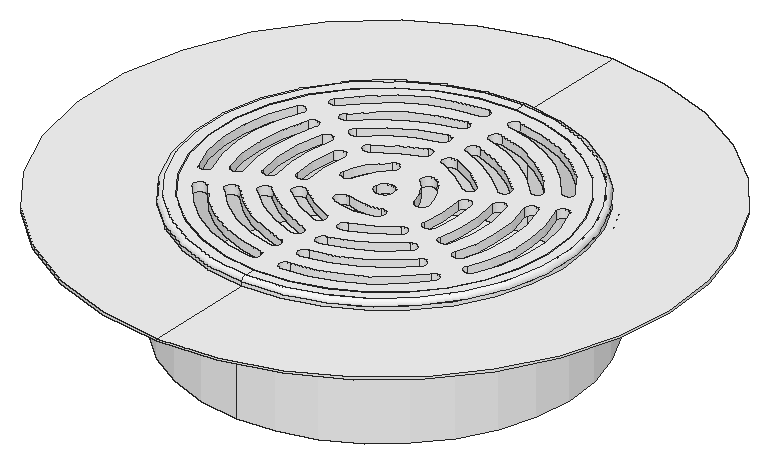
Revit family "F1230-WF", category Plumbing Fixtures, host Face, Revit 2018
Family settings
  Host = Face
  Round Connector Dimension = Use Radius
  Part Type = Normal
  Cut with Voids When Loaded = No
  Shared = No
  Room Calculation Point = No
Parameters (values of type "F1232-WF -Ø2"")
  WFU = 0
  URL = "WWW.MIFAB.COM"
  Pipe Radius = Pipe Diameter / 2  # 0' - 1"
  Pipe Diameter = 0' - 2"
  Model = "F1232-WF"
  Manufacturer = "MIFAB"
  Floor Drain Material = Paint - Sherwin Williams Paint - #952C2A - Bellwood Red
  Description = "WOOD DECK FLOOR DRAIN"
  Default Elevation = 0' - 0"
  CWFU = 0
  Assembly Code = ""
Types (4): name | Pipe Radius | Pipe Diameter | Model
  (no name) | 0' - 1" | 0' - 2" | "F1232-WF"
  F1234-WF -Ø4" | 0' - 2" | 0' - 4" | "F1234-WF"
  F1233-WF -Ø3" | 0' - 1 1/2" | 0' - 3" | "F1233-WF"
  F1232-WF -Ø2" | 0' - 1" | 0' - 2" | "F1232-WF"
Reference planes (in)
  plane 1 "Center (Front/Back)": y = 0
  plane 2: z = 0
  plane 3 "Center (Left/Right)": x = 0
  plane 4: z = -7.25
  plane 5: z = -3
  plane 6: y = -1
  plane 7: y = 1
  plane 8: x = -2.5
  plane 9: x = 2.5
  plane 10: z = -2.5
  plane 11: y = 4
  plane 12: y = -4
  plane 13: y = 2.5
  plane 14: y = -2.5
  plane 15: y = -2.59375
Forms (in)
  Revolve 1, solid, material "Paint - Sherwin Williams Paint - #952C2A - Bellwood Red" <- "Floor Drain Material"
    sketch origin (0, 0.04396, -2.375) x (0, 1, 0) y (0, 0, 1)
      loop
        line (-2.54396, 2.375) -> (-4.04396, 2.375) -> (-4.04396, 2.3435) -> (-2.63771, 2.3435) -> (-2.63771, 0.75098) -> (-1.04396, 0.75098) -> (-1.04396, -0.125) -> (-0.98146, -0.125) -> (-0.98146, 0.84079) -> (-2.54396, 0.84079) -> (-2.54396, 2.375)
      axis (-0.04396, 2.375) -> (-0.04396, -0.125)
    angle from 0 to 360
  Revolve 2, solid, material "Paint - Sherwin Williams Paint - #952C2A - Bellwood Red" <- "Floor Drain Material"
    sketch origin (0, 0, 0) x (0, 1, 0) y (0, 0, 1)
      loop
        line (-2.5, 0) -> (-2.29197, 0) -> (-2.29197, 0.11415) -> (-2.43434, 0.11415)
        arc (-2.43434, 0.11415) -> (-2.48077, 0.09492) -> (-2.5, 0.04849) r 0.06566
        line (-2.5, 0.04849) -> (-2.5, 0)
      axis (0, 0) -> (0, 0.11415)
    angle from 0 to 360
Lines and regions (in)
  model lines, not visible
    curve 1: line (6.7156, 0, 9.07611) -> (12.5156, 0, 9.07611)
    curve 2: line (12.5156, 0, 9.07611) -> (12.5156, 0, 10.82611)
    curve 3: line (12.5156, 0, 10.82611) -> (6.7156, 0, 10.82611)
    curve 4: line (6.7156, 0, 10.82611) -> (6.7156, 0, 9.07611)
    curve 5: line (7.13163, 0, 10.86539) -> (7.13163, 0, 12.86539)
    curve 6: line (7.13163, 0, 12.86539) -> (15.53163, 0, 12.86539)
    curve 7: line (15.53163, 0, 12.86539) -> (15.53163, 0, 10.86539)
    curve 8: line (11.33163, 0, 12.86539) -> (11.33163, 0, 12.36539)
    curve 9: line (0, 28.52778, -10.8585) -> (0, 28.52778, -8.6085)
    curve 10: line (0, 28.52778, -8.6085) -> (0, 21.02778, -8.6085)
    curve 11: line (0, 21.02778, -8.6085) -> (0, 21.02778, -10.8585)
    curve 12: line (0, 24.77778, -8.6085) -> (0, 24.77778, -9.1085)
    curve 13: line (13.30546, 0, 10.44272) -> (13.30546, 0, 12.69272)
    curve 14: line (13.30546, 0, 12.69272) -> (26.80546, 0, 12.69272)
    curve 15: line (26.80546, 0, 12.69272) -> (26.80546, 0, 10.44272)
    curve 16: line (20.05546, 0, 12.69272) -> (20.05546, 0, 13.19272)
Dimensions and locks (in)
  locked: plane 5 to plane 4 at 4.25
  equal spacing: plane 7, plane 1 "Center (Front/Back)", plane 6
  "Pipe Diameter": plane 7 to plane 6
  "Pipe Radius": plane 1 "Center (Front/Back)" to plane 6
  locked: level to plane 10 at 2.5
  equal spacing: plane 11, plane 1 "Center (Front/Back)", plane 12
  plane 11 to plane 12 = 0' - 8"
  equal spacing: plane 13, plane 1 "Center (Front/Back)", plane 14
  plane 13 to plane 14 = 0' - 5"
  locked: plane 14 to plane 15 at 0.09375
  aligned and locked: plane 2 to host face
  aligned and locked: level to host face
  aligned and locked: Revolve 1 sketch curve to plane 10
  aligned and locked: Revolve 1 sketch curve to plane 12
  aligned and locked: plane 15 to Revolve 1
Automatic sketch dimensions
  curve 5 to curve 7 = 0' - 8.4"
  curve 5 to curve 8 = 0' - 4.2"
  curve 5 to curve 5 = 0' - 2"
  curve 7 to curve 6 = 0' - 2"
  curve 8 to curve 8 = 0' - 0 1/2"
  host sketch curve to host sketch curve = 8' - 0"  (x2)
  Revolve 1 sketch curve to level = 0' - 0"
  Revolve 1 sketch curve to plane 14 = 0' - 0"
  Revolve 1 sketch curve to plane 6 = 0' - 0"
  Revolve 1 sketch curve to plane 1 "Center (Front/Back)" = 0' - 0"
  Revolve 1 sketch curve to plane 4 = 0' - 0"
  Revolve 1 sketch curve to plane 14 = 0' - 0 3/32"
  Revolve 1 sketch curve to plane 6 = 0' - 0 1/16"
  plane 10 to Revolve 1 sketch curve = 0' - 0.87598"
  Revolve 1 sketch curve to Revolve 1 sketch curve = 0' - 0.08981"
  Revolve 1 sketch curve to Revolve 1 sketch curve = 0' - 0.0315"
  Revolve 1 sketch curve to plane 5 = 0' - 0 1/4"
  Revolve 2 sketch curve to plane 14 = 0' - 0"
  Revolve 2 sketch curve to level = 0' - 0"
  Revolve 2 sketch curve to plane 1 "Center (Front/Back)" = 0' - 0"
  level to Revolve 2 sketch curve = 0' - 0.04849"
  Revolve 2 sketch curve to Revolve 2 sketch curve = 0' - 0.06566"
  Revolve 2 sketch curve to Revolve 2 sketch curve = 0' - 0.14237"
  level to Revolve 2 sketch curve = 0' - 0.25866"
  Revolve 2 sketch curve to Revolve 2 sketch curve = 0' - 0.32717"
Nested families (in)
  nested 1: "Family1" at (0, 0, 0), type "Family1"
Connectors (in)
  piping at (0, 0, -2.5), diameter 2, driven by "Pipe Radius"
    settings: on Revolve 1, index 1, connector inside diameter 24", connector length 0' - 0", flow factor 0, pipe flow 0 GPM, pressure drop 0.00 psi, fitting loss kfactor 0, connector angle 0.00°, fixture units 0, engagement length 0' - 0", angle of deflection 0.00°, flow configuration 0, flow direction 0, fitting loss method 0, system type 7, joint type 0, gender type 0, connector reference index -1, connector utility 0, adjustable connector no, is connector primary yes, connector description ""
Definition of nested family "Family1"
  Parameters (values of type "Family1")
    Floor Drain Material = none
  Reference planes (in)
    plane 1 "Center (Front/Back)": y = 0
    plane 2: z = 0
    plane 3 "Center (Left/Right)": x = 0
    plane 4: through (0, 0, 47.24409) normal (-0.5, -0.866, 0)
    plane 5: through (0, 0, 47.24409) normal (-0.5, 0.866, 0)
  Forms (in)
    Extrusion 1, solid, material <- "Floor Drain Material"
      sketch origin (0, 0, 0) x (-1, 0, 0) y (0, -1, 0)
        loop
          circle (0, 0) r 2.29197
        loop
          circle (0, 0) r 0.12808
        loop
          arc (1.92872, 0.8571) -> (1.81851, 0.89568) -> (1.77768, 0.78627) r 0.08343
          arc (1.77768, 0.78627) -> (1.9424, 0.00098) -> (1.77058, -0.78279) r 1.913
          arc (1.77058, -0.78279) -> (1.8102, -0.89205) -> (1.92027, -0.85472) r 0.08306
          arc (1.92027, -0.85472) -> (2.12666, 0.00019) -> (1.92872, 0.8571) r 1.913
        loop
          arc (1.63752, 0.66126) -> (1.52724, 0.71394) -> (1.47283, 0.6045) r 0.08711
          arc (1.47283, 0.6045) -> (1.56756, -0.01032) -> (1.46002, -0.62303) r 1.913
          arc (1.46002, -0.62303) -> (1.51165, -0.7327) -> (1.62217, -0.6829) r 0.08643
          arc (1.62217, -0.6829) -> (1.7518, -0.01222) -> (1.63752, 0.66126) r 1.913
        loop
          arc (1.3142, 0.49642) -> (1.20604, 0.56037) -> (1.14083, 0.45297) r 0.08937
          arc (1.14083, 0.45297) -> (1.1928, -0.01078) -> (1.13095, -0.47331) r 1.913
          arc (1.13095, -0.47331) -> (1.19339, -0.58141) -> (1.30229, -0.52035) r 0.08885
          arc (1.30229, -0.52035) -> (1.37704, -0.01277) -> (1.3142, 0.49642) r 1.913
        loop
          arc (0.97544, 0.32973) -> (0.87125, 0.40429) -> (0.79589, 0.30067) r 0.09095
          arc (0.79589, 0.30067) -> (0.81816, 0.00699) -> (0.79508, -0.28663) r 1.913
          arc (0.79508, -0.28663) -> (0.8701, -0.3904) -> (0.97446, -0.31619) r 0.0909
          arc (0.97446, -0.31619) -> (1.00241, 0.00673) -> (0.97544, 0.32973) r 1.913
        loop
          arc (0.22209, -2.09887) -> (1.06316, -1.84183) -> (1.70034, -1.23564) r 1.913
          arc (1.70034, -1.23564) -> (1.67764, -1.12166) -> (1.5632, -1.14198) r 0.08306
          arc (1.5632, -1.14198) -> (0.97035, -1.68266) -> (0.20791, -1.93266) r 1.913
          arc (0.20791, -1.93266) -> (0.13357, -2.02271) -> (0.22209, -2.09887) r 0.08343
        loop
          arc (0.2461, -1.74877) -> (0.88648, -1.51099) -> (1.4025, -1.06338) r 1.913
          arc (1.4025, -1.06338) -> (1.39036, -0.94278) -> (1.26957, -0.9529) r 0.08643
          arc (1.26957, -0.9529) -> (0.79272, -1.35239) -> (0.21291, -1.57776) r 1.913
          arc (0.21291, -1.57776) -> (0.14533, -1.6796) -> (0.2461, -1.74877) r 0.08711
        loop
          arc (0.22718, -1.38634) -> (0.69958, -1.18616) -> (1.10178, -0.86764) r 1.913
          arc (1.10178, -0.86764) -> (1.10022, -0.7428) -> (0.97537, -0.74278) r 0.08885
          arc (0.97537, -0.74278) -> (0.60573, -1.02761) -> (0.17813, -1.21448) r 1.913
          arc (0.17813, -1.21448) -> (0.11773, -1.32465) -> (0.22718, -1.38634) r 0.08937
        loop
          arc (0.20217, -1.00962) -> (0.49538, -0.87148) -> (0.76106, -0.68581) r 1.913
          arc (0.76106, -0.68581) -> (0.77315, -0.55833) -> (0.64576, -0.54524) r 0.0909
          arc (0.64576, -0.54524) -> (0.40302, -0.71204) -> (0.13755, -0.8396) r 1.913
          arc (0.13755, -0.8396) -> (0.0855, -0.95667) -> (0.20217, -1.00962) r 0.09095
        loop
          arc (-1.92872, 0.8571) -> (-2.12666, 0.00019) -> (-1.92027, -0.85472) r 1.913
          arc (-1.92027, -0.85472) -> (-1.8102, -0.89205) -> (-1.77058, -0.78279) r 0.08306
          arc (-1.77058, -0.78279) -> (-1.9424, 0.00098) -> (-1.77768, 0.78627) r 1.913
          arc (-1.77768, 0.78627) -> (-1.81851, 0.89568) -> (-1.92872, 0.8571) r 0.08343
        loop
          arc (-1.63752, 0.66126) -> (-1.7518, -0.01222) -> (-1.62217, -0.6829) r 1.913
          arc (-1.62217, -0.6829) -> (-1.51165, -0.7327) -> (-1.46002, -0.62303) r 0.08643
          arc (-1.46002, -0.62303) -> (-1.56756, -0.01032) -> (-1.47283, 0.6045) r 1.913
          arc (-1.47283, 0.6045) -> (-1.52724, 0.71394) -> (-1.63752, 0.66126) r 0.08711
        loop
          arc (-1.3142, 0.49642) -> (-1.37704, -0.01277) -> (-1.30229, -0.52035) r 1.913
          arc (-1.30229, -0.52035) -> (-1.19339, -0.58141) -> (-1.13095, -0.47331) r 0.08885
          arc (-1.13095, -0.47331) -> (-1.1928, -0.01078) -> (-1.14083, 0.45297) r 1.913
          arc (-1.14083, 0.45297) -> (-1.20604, 0.56037) -> (-1.3142, 0.49642) r 0.08937
        loop
          arc (-0.97544, 0.32973) -> (-1.00241, 0.00673) -> (-0.97446, -0.31619) r 1.913
          arc (-0.97446, -0.31619) -> (-0.8701, -0.3904) -> (-0.79508, -0.28663) r 0.0909
          arc (-0.79508, -0.28663) -> (-0.81816, 0.00699) -> (-0.79589, 0.30067) r 1.913
          arc (-0.79589, 0.30067) -> (-0.87125, 0.40429) -> (-0.97544, 0.32973) r 0.09095
        loop
          arc (-0.22209, -2.09887) -> (-0.13357, -2.02271) -> (-0.20791, -1.93266) r 0.08343
          arc (-0.20791, -1.93266) -> (-0.97035, -1.68266) -> (-1.5632, -1.14198) r 1.913
          arc (-1.5632, -1.14198) -> (-1.67764, -1.12166) -> (-1.70034, -1.23564) r 0.08306
          arc (-1.70034, -1.23564) -> (-1.06316, -1.84183) -> (-0.22209, -2.09887) r 1.913
        loop
          arc (-0.2461, -1.74877) -> (-0.14533, -1.6796) -> (-0.21291, -1.57776) r 0.08711
          arc (-0.21291, -1.57776) -> (-0.79272, -1.35239) -> (-1.26957, -0.9529) r 1.913
          arc (-1.26957, -0.9529) -> (-1.39036, -0.94278) -> (-1.4025, -1.06338) r 0.08643
          arc (-1.4025, -1.06338) -> (-0.88648, -1.51099) -> (-0.2461, -1.74877) r 1.913
        loop
          arc (-0.22718, -1.38634) -> (-0.11773, -1.32465) -> (-0.17813, -1.21448) r 0.08937
          arc (-0.17813, -1.21448) -> (-0.60573, -1.02761) -> (-0.97537, -0.74278) r 1.913
          arc (-0.97537, -0.74278) -> (-1.10022, -0.7428) -> (-1.10178, -0.86764) r 0.08885
          arc (-1.10178, -0.86764) -> (-0.69958, -1.18616) -> (-0.22718, -1.38634) r 1.913
        loop
          arc (-0.20217, -1.00962) -> (-0.0855, -0.95667) -> (-0.13755, -0.8396) r 0.09095
          arc (-0.13755, -0.8396) -> (-0.40302, -0.71204) -> (-0.64576, -0.54524) r 1.913
          arc (-0.64576, -0.54524) -> (-0.77315, -0.55833) -> (-0.76106, -0.68581) r 0.0909
          arc (-0.76106, -0.68581) -> (-0.49538, -0.87148) -> (-0.20217, -1.00962) r 1.913
        loop
          arc (-1.70663, 1.24177) -> (-1.68493, 1.12703) -> (-1.56977, 1.14638) r 0.08343
          arc (-1.56977, 1.14638) -> (-0.97205, 1.68168) -> (-0.20738, 1.92476) r 1.913
          arc (-0.20738, 1.92476) -> (-0.13256, 2.01371) -> (-0.21993, 2.09036) r 0.08306
          arc (-0.21993, 2.09036) -> (-1.0635, 1.84164) -> (-1.70663, 1.24177) r 1.913
        loop
          arc (-1.39143, 1.08751) -> (-1.38191, 0.96566) -> (-1.25993, 0.97326) r 0.08711
          arc (-1.25993, 0.97326) -> (-0.77484, 1.36271) -> (-0.19045, 1.57593) r 1.913
          arc (-0.19045, 1.57593) -> (-0.12129, 1.67548) -> (-0.21967, 1.74629) r 0.08643
          arc (-0.21967, 1.74629) -> (-0.86532, 1.52321) -> (-1.39143, 1.08751) r 1.913
        loop
          arc (-1.08701, 0.88992) -> (-1.08832, 0.76428) -> (-0.9627, 0.76151) r 0.08937
          arc (-0.9627, 0.76151) -> (-0.58707, 1.03839) -> (-0.15558, 1.21608) r 1.913
          arc (-0.15558, 1.21608) -> (-0.09318, 1.32422) -> (-0.2005, 1.38799) r 0.08885
          arc (-0.2005, 1.38799) -> (-0.67746, 1.19893) -> (-1.08701, 0.88992) r 1.913
        loop
          arc (-0.77327, 0.67989) -> (-0.78575, 0.55238) -> (-0.65833, 0.53892) r 0.09095
          arc (-0.65833, 0.53892) -> (-0.41513, 0.70505) -> (-0.14931, 0.83187) r 1.913
          arc (-0.14931, 0.83187) -> (-0.09696, 0.94873) -> (-0.2134, 1.002) r 0.0909
          arc (-0.2134, 1.002) -> (-0.50703, 0.86475) -> (-0.77327, 0.67989) r 1.913
        loop
          arc (1.70663, 1.24177) -> (1.0635, 1.84164) -> (0.21993, 2.09036) r 1.913
          arc (0.21993, 2.09036) -> (0.13256, 2.01371) -> (0.20738, 1.92476) r 0.08306
          arc (0.20738, 1.92476) -> (0.97205, 1.68168) -> (1.56977, 1.14638) r 1.913
          arc (1.56977, 1.14638) -> (1.68493, 1.12703) -> (1.70663, 1.24177) r 0.08343
        loop
          arc (1.39143, 1.08751) -> (0.86532, 1.52321) -> (0.21967, 1.74629) r 1.913
          arc (0.21967, 1.74629) -> (0.12129, 1.67548) -> (0.19045, 1.57593) r 0.08643
          arc (0.19045, 1.57593) -> (0.77484, 1.36271) -> (1.25993, 0.97326) r 1.913
          arc (1.25993, 0.97326) -> (1.38191, 0.96566) -> (1.39143, 1.08751) r 0.08711
        loop
          arc (1.08701, 0.88992) -> (0.67746, 1.19893) -> (0.2005, 1.38799) r 1.913
          arc (0.2005, 1.38799) -> (0.09318, 1.32422) -> (0.15558, 1.21608) r 0.08885
          arc (0.15558, 1.21608) -> (0.58707, 1.03839) -> (0.9627, 0.76151) r 1.913
          arc (0.9627, 0.76151) -> (1.08832, 0.76428) -> (1.08701, 0.88992) r 0.08937
        loop
          arc (0.77327, 0.67989) -> (0.50703, 0.86475) -> (0.2134, 1.002) r 1.913
          arc (0.2134, 1.002) -> (0.09696, 0.94873) -> (0.14931, 0.83187) r 0.0909
          arc (0.14931, 0.83187) -> (0.41513, 0.70505) -> (0.65833, 0.53892) r 1.913
          arc (0.65833, 0.53892) -> (0.78575, 0.55238) -> (0.77327, 0.67989) r 0.09095
        loop
          arc (-0.31144, -0.52314) -> (-0.18309, -0.51115) -> (-0.18995, -0.38242) r 0.09303
          arc (-0.18995, -0.38242) -> (-0.33456, -0.2021) -> (-0.42251, 0.01165) r 0.81205
          arc (-0.42251, 0.01165) -> (-0.53289, 0.08033) -> (-0.60565, -0.02741) r 0.09369
          arc (-0.60565, -0.02741) -> (-0.50401, -0.30226) -> (-0.31144, -0.52314) r 0.81205
        loop
          arc (0.31144, -0.52314) -> (0.50401, -0.30226) -> (0.60565, -0.02741) r 0.81205
          arc (0.60565, -0.02741) -> (0.53289, 0.08033) -> (0.42251, 0.01165) r 0.09369
          arc (0.42251, 0.01165) -> (0.33456, -0.2021) -> (0.18995, -0.38242) r 0.81205
          arc (0.18995, -0.38242) -> (0.18309, -0.51115) -> (0.31144, -0.52314) r 0.09303
        loop
          arc (-0.29733, 0.53129) -> (-0.35113, 0.41413) -> (-0.23621, 0.35571) r 0.09303
          arc (-0.23621, 0.35571) -> (-0.00775, 0.39079) -> (0.22135, 0.36008) r 0.81205
          arc (0.22135, 0.36008) -> (0.33601, 0.42134) -> (0.27909, 0.53821) r 0.09369
          arc (0.27909, 0.53821) -> (-0.00976, 0.58762) -> (-0.29733, 0.53129) r 0.81205
      from 0.11415 to 0
  Dimensions and locks (in)
    aligned and locked: level to plane 2
